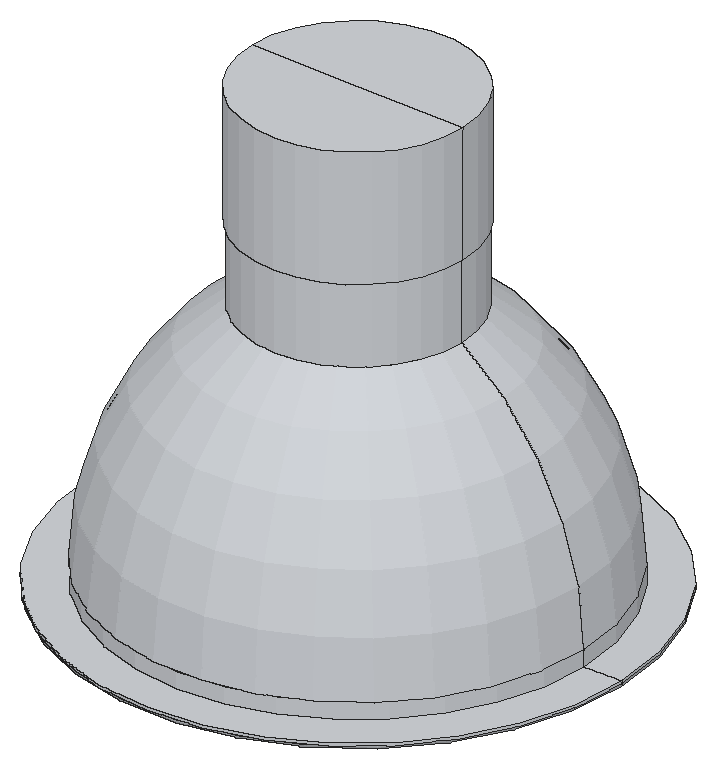
Revit family "Alcon-14124-10-Revit-Family", category Lighting Fixtures, host Ceiling, Revit 2021
Family settings
  Host = Ceiling
  Round Connector Dimension = Use Diameter
  Part Type = Normal
  OmniClass Number = 23.80.70.11
  OmniClass Title = Luminaries for Internal Lighting
  Always vertical = Yes
  Cut with Voids When Loaded = No
  Light Source = Yes
  Shared = No
  Room Calculation Point = No
Parameters (values of type "Type 1")
  Wattage = 9.2903 W
  built-in parameter 1150110 = 1 (stored number, unit not read)
  built-in parameter 1114217 = 1 (stored number, unit not read)
  Tilt Angle = 60.00°
  built-in parameter 1150109 = 1 (stored number, unit not read)
  built-in parameter 1150134 = (empty or 0)
  built-in parameter 1150113 = 1 (stored number, unit not read)
  built-in parameter 1010507 = 1.5708 (stored number, unit not read)
  built-in parameter 1010506 = 0.5236 (stored number, unit not read)
  Product Identity = "Alcon Lighting 14124-10"
  Manufacturer = "Alcon Light"
  Lumens = 1380 lm
  built-in parameter 1150115 = 1 (stored number, unit not read)
  built-in parameter 1150105 = 4614.1 (stored number, unit not read)
  Link To Product Page = "https://www.alconlighting.com/14124-10.html"
  LightSource = none
  Light Source Symbol Length = 10' - 0"
  built-in parameter 1150137 = (empty or 0)
  built-in parameter 1150139 = (empty or 0)
  Lens = none
  built-in parameter 1150112 = 1 (stored number, unit not read)
  built-in parameter 1150114 = 1 (stored number, unit not read)
  built-in parameter 1150132 = 2
  built-in parameter 1150102 = (empty or 0)
  built-in parameter 1150138 = (empty or 0)
  built-in parameter 1150107 = 3000 (stored number, unit not read)
  built-in parameter 1150106 = 46.141 (stored number, unit not read)
  Housing = none
  built-in parameter 1150104 = 13.8 (stored number, unit not read)
  Dimming Lamp Color Temperature Shift = <None>
  Default Elevation = 0' - 0"
  Color Filter = 16777215
  built-in parameter 1114218 = 1 (stored number, unit not read)
  built-in parameter 1150133 = 10 (stored number, unit not read)
Reference planes (in)
  plane 1 "Light Source Axis (F/B)": y = 0
  plane 2: z = 0
  plane 3 "Light Source Axis (L/R)": x = 0
  plane 4 "Ceiling": z = 157.79911
  plane 5 "Light Source Elevation": z = 157.10531
Forms (in)
  Extrusion 1, void
    sketch origin (0, 0, 157.79911) x (0, 1, 0) y (-1, 0, 0)
      loop
        circle (0, 0) r 4.63
    from -0.44379 to 2.07621
  Revolve 2, solid, material <- "Housing"
    sketch origin (0, 0, 0) x (1, 0, 0) y (0, 0, 1)
      loop
        line (-5.475, 157.48031) -> (-5.475, 157.42601)
        arc (-5.475, 157.42601) -> (-5.45429, 157.37602) -> (-5.40431, 157.35531) r 0.07069
        line (-5.40431, 157.35531) -> (-4.63, 157.35531) -> (-4.63, 157.48031) -> (-5.475, 157.48031)
      axis (0, 157.48031) -> (0, 157.35531)
    angle from 0 to 360
  Revolve 3, solid, material <- "Housing"
    sketch origin (0, 0, -5.11929) x (1, 0, 0) y (0, 0, 1)
      loop
        line (0, 169.28052) -> (0, 171.7346) -> (-2.18765, 171.7346) -> (-2.18765, 169.28052) -> (0, 169.28052)
      axis (0, 169.28052) -> (0, 171.7346)
    angle from 0 to 360
  Revolve 4, solid, material <- "Lens"
    sketch origin (0, 0, -5.11929) x (1, 0, 0) y (0, 0, 1)
      loop
        line (0, 167.72856) -> (0, 167.93873) -> (-2.09, 167.93873) -> (-2.09, 167.72856) -> (0, 167.72856)
      axis (0, 167.72856) -> (0, 167.93873)
    angle from 0 to 360
  Revolve 5, solid, material <- "Housing"
    sketch origin (-40.7589, 0, 5.79101) x (0.965926, 0, -0.258819) y (0.258819, 0, 0.965926)
      loop
        line (-3.22769, 161.45107) -> (-3.63794, 162.98214) -> (-3.69831, 162.96596) -> (-3.29663, 161.46688)
        arc (-3.29663, 161.46688) -> (-4.55803, 158.96479) -> (-4.50512, 156.16322) r 5.82466
        line (-4.50512, 156.16322) -> (-4.42261, 155.85529) -> (-4.36224, 155.87146) -> (-4.44475, 156.17939)
        arc (-4.44475, 156.17939) -> (-4.49341, 158.96695) -> (-3.22769, 161.45107) r 5.76216
      axis (0.11, 157.0698) -> (-1.61915, 163.52307)
    angle from 0 to 360
  Revolve 6, solid, material <- "LightSource"
    sketch origin (0, 0, -5.11929) x (1, 0, 0) y (0, 0, 1)
      loop
        line (0, 169.05776) -> (0, 169.28052) -> (-2.09, 169.28052) -> (-2.09, 169.05776) -> (0, 169.05776)
      axis (0, 169.05776) -> (0, 169.28052)
    angle from 0 to 360
Dimensions and locks (in)
  equal spacing: host sketch curve, plane 3 "Light Source Axis (L/R)", host sketch curve
  equal spacing: host sketch curve, plane 1 "Light Source Axis (F/B)", host sketch curve
  host sketch curve to host sketch curve = 13' - 1.48031"  (x2)
  host ceiling to plane 4 "Ceiling" = 0' - 0.31879"
  Revolve 2 to Revolve 2 = 0' - 10.95"
  Revolve 2 to Revolve 2 = 0' - 9.26"
  Revolve 4 to Revolve 4 = 0' - 4.18"
  aligned and locked: plane 1 "Light Source Axis (F/B)" to imposter light
